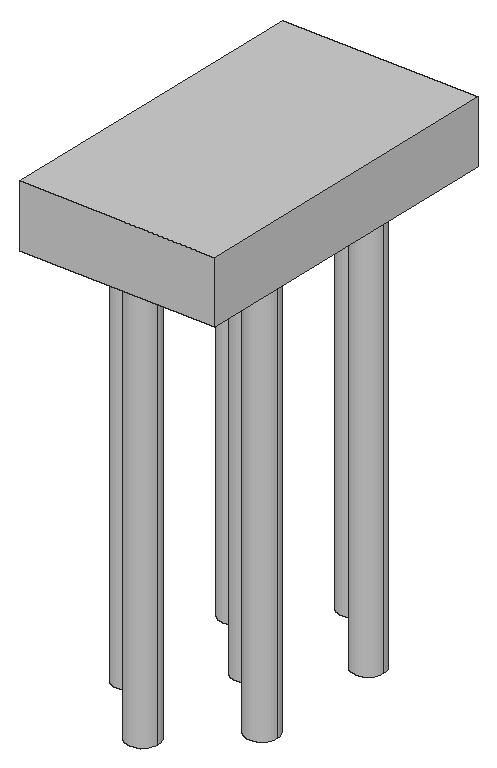
Revit family "Bloco de fundação - 7 Estacas", category Fundações estruturais, Revit 2019
Family settings
  Material para o comportamento do modelo = Outros
  Cap = Não
  Com base no plano de trabalho = Não
  Sempre na vertical = Sim
  Corte com vazios quando carregada = Não
  Compartilhado = Não
Parameters (values of type "6300x3750x1200mm")
  Largura = 3750 mm
  Structural Material [instance] = Concreto - Moldado in loco
  Tipo do pilar [instance] = Estaca de concreto : Diâmetro de 600 mm
  Profundidade da estaca [instance] = 8000 mm
  Comprimento = 6300 mm
  Espessura da fundação = 1200 mm
  Cortado = 100 mm
  Apuramento = 600 mm
  Código de montagem = "A1010130"
Reference planes
  plane 1 "Centro (Frente/Trás)": y = 0
  plane 2: z = 0
  plane 3 "Centro (Esquerda/Direita)": x = 0
  plane 4: x = -1875
  plane 5: x = 1875
  plane 6: y = 3150
  plane 7: y = -3150
  plane 8: z = -1200
  plane 9: x = -1275
  plane 10: x = 1275
  plane 11: y = 2550
  plane 12: y = -2550
  plane 13: y = 1275
  plane 14: y = -1275
  plane 15: z = -1100
  plane 16: z = -9200
Forms (mm)
  Extrusion 1, solid, material "Concreto - Moldado in loco" <- "Structural Material"
    sketch origin (0, 0, 0) x (1, 0, 0) y (0, 1, 0)
      loop
        line (-1875, 3150) -> (-1875, -3150) -> (1875, -3150) -> (1875, 3150) -> (-1875, 3150)
    from -1200 to 0
Dimensions and locks
  "Largura": plane 4 to plane 5
  "Comprimento": plane 6 to plane 7
  equal spacing: plane 6, plane 1 "Centro (Frente/Trás)", plane 7
  equal spacing: plane 4, plane 3 "Centro (Esquerda/Direita)", plane 5
  "Espessura da fundação": plane 2 to plane 8
  "Apuramento": plane 4 to plane 9
  "Apuramento": plane 10 to plane 5
  "Apuramento": plane 6 to plane 11
  "Apuramento": plane 7 to plane 12
  equal spacing: plane 12, plane 14, plane 1 "Centro (Frente/Trás)"
  equal spacing: plane 1 "Centro (Frente/Trás)", plane 13, plane 11
  "Cortado": plane 15 to plane 8
  "Profundidade da estaca": plane 8 to plane 16
  aligned and locked: Extrusion 1 sketch curve to plane 4
  aligned and locked: Extrusion 1 sketch curve to plane 5
  aligned and locked: Extrusion 1 sketch curve to plane 6
  aligned and locked: plane 7 to Extrusion 1 sketch curve
  aligned and locked: level to Extrusion 1
  aligned and locked: Extrusion 1 to plane 8
  aligned and locked: plane 11 to nested 1
  aligned and locked: plane 3 "Centro (Esquerda/Direita)" to nested 1
  aligned and locked: nested 2 to plane 13
  aligned and locked: nested 2 to plane 9
  aligned and locked: nested 3 to plane 13
  aligned and locked: plane 10 to nested 3
  aligned and locked: plane 1 "Centro (Frente/Trás)" to nested 4
  aligned and locked: plane 3 "Centro (Esquerda/Direita)" to nested 4
  aligned and locked: plane 14 to nested 5
  aligned and locked: nested 5 to plane 9
  aligned and locked: plane 14 to nested 6
  aligned and locked: plane 10 to nested 6
  aligned and locked: plane 12 to nested 7
  aligned and locked: plane 3 "Centro (Esquerda/Direita)" to nested 7
  aligned and locked: plane 15 to nested 2
  aligned and locked: nested 5 to plane 15
  aligned and locked: plane 15 to nested 1
  aligned and locked: plane 15 to nested 7
  aligned and locked: plane 15 to nested 4
  aligned and locked: plane 15 to nested 3
  aligned and locked: plane 15 to nested 6
Nested families
  nested 1: "Estaca de concreto" at (0, 2550, -1200), type <- "Tipo do pilar", Emblocamento mínimo <- "Cortado", Linear <- "Profundidade da estaca", type "Diâmetro de 600 mm"
    with Structural Material Concreto - Moldado in loco, Emblocamento mínimo 100 mm, Linear 8000 mm
  nested 2: "Estaca de concreto" at (-1275, 1275, -1200), type <- "Tipo do pilar", Emblocamento mínimo <- "Cortado", Linear <- "Profundidade da estaca", type "Diâmetro de 600 mm"
    with Structural Material Concreto - Moldado in loco, Emblocamento mínimo 100 mm, Linear 8000 mm
  nested 3: "Estaca de concreto" at (1275, 1275, -1200), type <- "Tipo do pilar", Emblocamento mínimo <- "Cortado", Linear <- "Profundidade da estaca", type "Diâmetro de 600 mm"
    with Structural Material Concreto - Moldado in loco, Emblocamento mínimo 100 mm, Linear 8000 mm
  nested 4: "Estaca de concreto" at (0, 0, -1200), type <- "Tipo do pilar", Emblocamento mínimo <- "Cortado", Linear <- "Profundidade da estaca", type "Diâmetro de 600 mm"
    with Structural Material Concreto - Moldado in loco, Emblocamento mínimo 100 mm, Linear 8000 mm
  nested 5: "Estaca de concreto" at (-1275, -1275, -1200), type <- "Tipo do pilar", Emblocamento mínimo <- "Cortado", Linear <- "Profundidade da estaca", type "Diâmetro de 600 mm"
    with Structural Material Concreto - Moldado in loco, Emblocamento mínimo 100 mm, Linear 8000 mm
  nested 6: "Estaca de concreto" at (1275, -1275, -1200), type <- "Tipo do pilar", Emblocamento mínimo <- "Cortado", Linear <- "Profundidade da estaca", type "Diâmetro de 600 mm"
    with Structural Material Concreto - Moldado in loco, Emblocamento mínimo 100 mm, Linear 8000 mm
  nested 7: "Estaca de concreto" at (0, -2550, -1200), type <- "Tipo do pilar", Emblocamento mínimo <- "Cortado", Linear <- "Profundidade da estaca", type "Diâmetro de 600 mm"
    with Structural Material Concreto - Moldado in loco, Emblocamento mínimo 100 mm, Linear 8000 mm
Definition of nested family "Estaca de concreto"
  Parameters
    Structural Material [instance] = none
    Raio = Diâmetro / 2  # 300 mm
    Emblocamento mínimo [instance] = 100 mm
    Diâmetro = 600 mm
    Linear [instance] = 6000 mm
  Reference planes
    plane 1 "Centro (Frente/Trás)": y = 0
    plane 2: z = 0
    plane 3 "Centro (Esquerda/Direita)": x = 0
    plane 4: z = 100
    plane 5: z = -6000
  Forms (mm)
    Extrusion 1, solid, material <- "Structural Material"
      sketch origin (0, 0, 0) x (1, 0, 0) y (0, 1, 0)
        loop
          circle (0, 0) r 300
      from -6000 to 100
  Dimensions and locks
    "Emblocamento mínimo": plane 4 to plane 2
    "Linear": plane 2 to plane 5
    "Raio": radius of Extrusion 1 sketch curve
    aligned and locked: plane 2 to level
    aligned and locked: plane 1 "Centro (Frente/Trás)" to Extrusion 1 sketch curve
    aligned and locked: plane 3 "Centro (Esquerda/Direita)" to Extrusion 1 sketch curve
    aligned and locked: Extrusion 1 to plane 5
    aligned and locked: plane 4 to Extrusion 1
